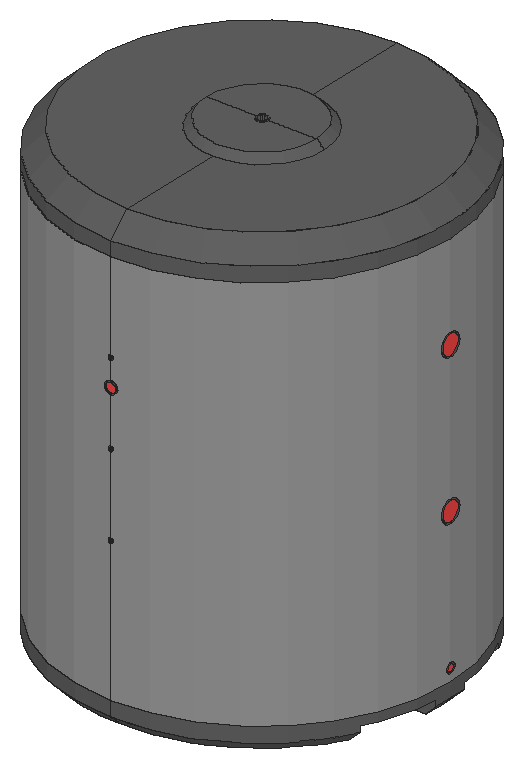
Revit family "2015_Deposito_LAPESA_Master-Vertical-Inercia-MV-I", category Specialty Equipment, Revit 2015
Parameters (values of type "MV-4000-I")
  Type Comments = "Depósito de INERCIA, MARCA LAPESA, para CIRCUITO CERRADO. Serie MASTER-INERCIA. Modelo MV-I, de 4000 litros de capacidad.\r\n\r\n. Construido en chapa de acero al carbono. \r\n. Capaz de soportar temperaturas de 90º C en continuo.\r\n. Presión de trabajo máxima 6 Kg/cm2. \r\n. Acabado exterior mediante espuma de poliuretano compacto inyectado en molde, con control permanente de celda, para evitar posibles condensaciones y minimizar pérdidas térmicas. Espesor de aislamiento 80mm, densidad 45Kg/m3 y coeficiente de transmisión térmica 0,025 W/mK.\r\n. Pérdidas caloríficas inferiores a las exigencias citadas en la DIN 4753/8 (Wh/24).\r\n. Puede incorporarse forro acolchado para interior o intemperie, en PVC, color gris, con semi-tapas superiores, y tapa lateral para boca de hombre (montaje no incluido).\r\n. Con Certificado según Directiva Europea 2014/68/UE.\r\n. Pérdidas estáticas (W): 231. Clase de eficiencia energética: C."
  Q = 350 mm
  Purgador / Upper connection = 50.8 mm  # constant formula
  Peso total aproximado / Empty weight (approx.) = 893.00 kg
  VidaUtilEsperada = ""
  VersionElementoBIM = "1"  # constant formula
  UnidadMedicion = ""
  UnidadMantenimiento = ""
  Unidad = ""
  Uniclass2.0Titulo = "Water tanks and cisterns"  # constant formula
  Uniclass2.0Codigo = "60-50-96"  # constant formula
  URLProducto = "http://lapesa.es/sites/default/files/documentos/acse116y119.pdf"
  URL = "www.lapesa.es"
  UNSPSCTitulo = "Tanks"  # constant formula
  UNSPSCCodigo = "25102001"  # constant formula
  TrabajoMantenimiento = ""
  TipoEmbalajeProteccion = ""
  TiempoMedioEntreFallos = ""
  TelefonoContacto = "0034976465180"  # constant formula
  ResistenciaAlViento = ""
  ResiduosPeligrososPorUnidad = 0
  ResiduosPeligrosos  = 0
  ResiduosNoPeligrososPorUnidad = 0
  ResiduosNoPeligrosos  = 0
  ResiduoRadioactivoPorUnidad = 0
  ResiduoRadioactivo = 0
  ResiduoInertePorUnidad = 0
  ResiduoInerte = 0
  ReferenciaUnidadFuncional = ""
  ReferenciaLote = ""
  ReferenciaContacto = "Departamento Comercial"  # constant formula
  Referencia = ""
  PuntoDeContacto = ""
  PeriodoGarantia = ""
  OmniclassTitulo = "Tanks"  # constant formula
  OmniclassCodigo = "23-27 29 19"  # constant formula
  NumeroSerie = ""
  NumeroArticuloGlobalComercial = ""
  NumeroArticulo = ""
  NormativaMantenimiento = ""
  Model = "MV-4000-I"
  MaterialEnvase = ""
  MaterialContenedor = ""
  MateriaPrima = 0.00%
  MasterformatTitulo = "Storage Tanks for Fire-Suppression Water"  # constant formula
  MasterformatCodigo = "21 41 00"  # constant formula
  MasaSuperficialKgm2 = 0
  Manufacturer = "lapesa Grupo Empresarial,  S. L."  # constant formula
  M = 1543 mm
  LugarEnsamblaje = ""
  J = 190 mm
  InstruccionesEspeciales = ""
  InformacionTecnica = "http://lapesa.es/sites/default/files/tacse14.pdf"
  IdentificadorGarantia = ""
  IFCClasificacion = ""
  GarantiaExtendida = no
  G = 755 mm
  FrecuenciaMantenimiento = ""
  FormacionFotoquimicaOzonoPorUnidad = 0
  FormacionFotoquimicaOzono = 0
  FechaVencimientoElementoBIM = "23/02/2018"  # constant formula
  FechaInstalacion = ""
  FechaInicioGarantia = ""
  FechaFinGarantia = ""
  FechaEvaluacion = ""
  FechaEmisionElementoBIM = "23/02/2017"  # constant formula
  FechaCompra = ""
  FaseCicloVida = ""
  FaltaDeRecursosPorUnidad = 0
  FaltaDeRecursos = 0
  F = 900 mm
  Exclusiones = ""
  EutrofizacionPorUnidad = 0
  Eutrofizacion = 0
  EtiquetaModelo = ""
  EstanqueidadAgua = ""
  EnergiaRenovableConsumidaPorUnidad = 0
  EnergiaRenovableConsumida = 0
  EnergiaPrimariaTotalConsumidaPorUnidad = 0
  EnergiaNoRenovableConsumidaPorUnidad = 0
  EnergiaNoRenovableConsumida = 0
  EmisionCO2 = 0
  EmailContacto = "lapesa@lapesa.es"  # constant formula
  E = 415 mm
  DuracionVidaUtil = ""
  DestruccionCapaOzonoEstratosfericaPorUnidad = 0
  DestruccionCapaOzonoEstratosferica = 0
  Description = "Depósitos master inercia vertical MV-4000-I"
  DescripcionEvaluacion = ""
  Desagüe / Drain = 38.1 mm  # constant formula
  D = 850 mm
  CosteMantenimiento = 0
  CosteEnergeticoMj = 0 J
  CosteEnergeticoKwh = 0
  ContenidoGarantia = ""
  Conexión lateral / Side connection = 101.6 mm  # constant formula
  Conexión Sensores / Probe tube connection for sensors = 12.7 mm  # constant formula
  Conexión Eléctrica / Electric element connection = 50.8 mm  # constant formula
  Conexión = Plastico
  CondicionesMantenimiento = ""
  CondicionesGeneralesDeContratacion = ""
  CondicionesEvaluacion = ""
  CodigoBedec = ""
  CodigoBarras = ""
  CertificadoMantenimiento = ""
  Carcasa B = Acero color Negro
  Carcasa = Acero Inoxidable S 235 J
  Capacidad / Capacity = 4000.0 L
  CambioClimaticoPorUnidad = 0
  CambioClimatico = 0
  COBieCategoria = ""
  Bimetica = "http://www.bimetica.com"
  B = 2310 mm
  AñoProduccion = ""
  Autor = "Bimetica Parametric Design Services S.L."  # constant formula
  AguaConsumidaPorUnidad = 0
  AguaConsumida = 0
  AcidificacionAtmosfericaPorUnidad = 0
  AcidificacionAtmosferica = 0
  A = 1910 mm
Types (8, lengths in mm): name | Type Comments | Q | Peso total aproximado / Empty weight (approx.) | Model | M | J | G | F | E | Description | D | Capacidad / Capacity | B | A
  (no name) | "Depósito de INERCIA, MARCA LAPESA, para CIRCUITO CERRADO. Serie MASTER-INERCIA. Modelo MV-I, de 4000 litros de capacidad.\r\n\r\n. Construido en chapa de acero al carbono. \r\n. Capaz de soportar temperaturas de 90º C en continuo.\r\n. Presión de trabajo máxima 6 Kg/cm2. \r\n. Acabado exterior mediante espuma de poliuretano compacto inyectado en molde, con control permanente de celda, para evitar posibles condensaciones y minimizar pérdidas térmicas. Espesor de aislamiento 80mm, densidad 45Kg/m3 y coeficiente de transmisión térmica 0,025 W/mK.\r\n. Pérdidas caloríficas inferiores a las exigencias citadas en la DIN 4753/8 (Wh/24).\r\n. Puede incorporarse forro acolchado para interior o intemperie, en PVC, color gris, con semi-tapas superiores, y tapa lateral para boca de hombre (montaje no incluido).\r\n. Con Certificado según Directiva Europea 2014/68/UE.\r\n. Pérdidas estáticas (W): 231. Clase de eficiencia energética: C." | 350 | 893.00 kg | "MV-4000-I" | 1543 | 190 | 755 | 900 | 415 | "Depósitos master inercia vertical MV-4000-I" | 850 | 4000.0 L | 2310 | 1910
  MV-4000-I | "Depósito de INERCIA, MARCA LAPESA, para CIRCUITO CERRADO. Serie MASTER-INERCIA. Modelo MV-I, de 4000 litros de capacidad.\r\n\r\n. Construido en chapa de acero al carbono. \r\n. Capaz de soportar temperaturas de 90º C en continuo.\r\n. Presión de trabajo máxima 6 Kg/cm2. \r\n. Acabado exterior mediante espuma de poliuretano compacto inyectado en molde, con control permanente de celda, para evitar posibles condensaciones y minimizar pérdidas térmicas. Espesor de aislamiento 80mm, densidad 45Kg/m3 y coeficiente de transmisión térmica 0,025 W/mK.\r\n. Pérdidas caloríficas inferiores a las exigencias citadas en la DIN 4753/8 (Wh/24).\r\n. Puede incorporarse forro acolchado para interior o intemperie, en PVC, color gris, con semi-tapas superiores, y tapa lateral para boca de hombre (montaje no incluido).\r\n. Con Certificado según Directiva Europea 2014/68/UE.\r\n. Pérdidas estáticas (W): 231. Clase de eficiencia energética: C." | 350 | 893.00 kg | "MV-4000-I" | 1543 | 190 | 755 | 900 | 415 | "Depósitos master inercia vertical MV-4000-I" | 850 | 4000.0 L | 2310 | 1910
  MV-5000-I | "Depósito de INERCIA, MARCA LAPESA, para CIRCUITO CERRADO. Serie MASTER-INERCIA. Modelo MV-I, de 5000 litros de capacidad.\r\n\r\n. Construido en chapa de acero al carbono. \r\n. Capaz de soportar temperaturas de 90º C en continuo.\r\n. Presión de trabajo máxima 6 Kg/cm2. \r\n. Acabado exterior mediante espuma de poliuretano compacto inyectado en molde, con control permanente de celda, para evitar posibles condensaciones y minimizar pérdidas térmicas. Espesor de aislamiento 80mm, densidad 45Kg/m3 y coeficiente de transmisión térmica 0,025 W/mK.\r\n. Pérdidas caloríficas inferiores a las exigencias citadas en la DIN 4753/8 (Wh/24).\r\n. Puede incorporarse forro acolchado para interior o intemperie, en PVC, color gris, con semi-tapas superiores, y tapa lateral para boca de hombre (montaje no incluido).\r\n. Con Certificado según Directiva Europea 2014/68/UE.\r\n. Pérdidas estáticas (W): 250. Clase de eficiencia energética: C." | 350 | 970.00 kg | "MV-5000-I" | 1809 | 190 | 1155 | 900 | 615 | "Depósitos master inercia vertical MV-5000-I" | 850 | 5000.0 L | 2710 | 1910
  MV-1500-I | "Depósito de INERCIA, MARCA LAPESA, para CIRCUITO CERRADO. Serie MASTER-INERCIA. Modelo MV-I, de 1500 litros de capacidad.\r\n\r\n. Construido en chapa de acero al carbono. \r\n. Capaz de soportar temperaturas de 90º C en continuo.\r\n. Presión de trabajo máxima 6 Kg/cm2. \r\n. Acabado exterior mediante espuma de poliuretano compacto inyectado en molde, con control permanente de celda, para evitar posibles condensaciones y minimizar pérdidas térmicas. Espesor de aislamiento 80mm, densidad 45Kg/m3 y coeficiente de transmisión térmica 0,025 W/mK.\r\n. Pérdidas caloríficas inferiores a las exigencias citadas en la DIN 4753/8 (Wh/24).\r\n. Puede incorporarse forro acolchado para interior o intemperie, en PVC, color gris, con semi-tapas superiores, y tapa lateral para boca de hombre (montaje no incluido).\r\n. Con Certificado según Directiva Europea 2014/68/UE.\r\n. Pérdidas estáticas (W): 145. Clase de eficiencia energética: C.\r\n\r\n. Construido en chapa de acero al carbono. \r\n. Capaz de soportar temperaturas de 90º C en continuo.\r\n. Presión de trabajo máxima 6 Kg/cm2. \r\n. Acabado exterior mediante espuma de poliuretano compacto inyectado en molde, con control permanente de celda, para evitar posibles condensaciones y minimizar pérdidas térmicas. Espesor de aislamiento 80mm, densidad 45Kg/m3 y coeficiente de transmisión térmica 0,025 W/mK.\r\n. Pérdidas caloríficas inferiores a las exigencias citadas en la DIN 4753/8 (Wh/24).\r\n. Puede incorporarse forro acolchado para interior o intemperie, en PVC, color gris, con semi-tapas superiores, y tapa lateral para boca de hombre (montaje no incluido).\r\n. Con Certificado según Directiva Europea 2014/68/UE.\r\n. Pérdidas estáticas (W): 250. Clase de eficiencia energética: C." | 210 | 273.00 kg | "MV-1500-I" | 1237 | 160 | 610 | 720 | 359 | "Depósitos master inercia vertical MV-1500-I" | 655 | 1500.0 L | 1830 | 1360
  MV-2000-I | "Depósito de INERCIA, MARCA LAPESA, para CIRCUITO CERRADO. Serie MASTER-INERCIA. Modelo MV-I, de 2000 litros de capacidad.\r\n\r\n. Construido en chapa de acero al carbono. \r\n. Capaz de soportar temperaturas de 90º C en continuo.\r\n. Presión de trabajo máxima 6 Kg/cm2. \r\n. Acabado exterior mediante espuma de poliuretano compacto inyectado en molde, con control permanente de celda, para evitar posibles condensaciones y minimizar pérdidas térmicas. Espesor de aislamiento 80mm, densidad 45Kg/m3 y coeficiente de transmisión térmica 0,025 W/mK.\r\n. Pérdidas caloríficas inferiores a las exigencias citadas en la DIN 4753/8 (Wh/24).\r\n. Puede incorporarse forro acolchado para interior o intemperie, en PVC, color gris, con semi-tapas superiores, y tapa lateral para boca de hombre (montaje no incluido).\r\n. Con Certificado según Directiva Europea 2014/68/UE.\r\n. Pérdidas estáticas (W): 164. Clase de eficiencia energética: C." | 210 | 353.00 kg | "MV-2000-I" | 1537 | 160 | 1060 | 720 | 584 | "Depósitos master inercia vertical MV-2000-I" | 655 | 2000.0 L | 2280 | 1360
  MV-2500-I | "Depósito de INERCIA, MARCA LAPESA, para CIRCUITO CERRADO. Serie MASTER-INERCIA. Modelo MV-I, de 2500 litros de capacidad.\r\n\r\n. Construido en chapa de acero al carbono. \r\n. Capaz de soportar temperaturas de 90º C en continuo.\r\n. Presión de trabajo máxima 6 Kg/cm2. \r\n. Acabado exterior mediante espuma de poliuretano compacto inyectado en molde, con control permanente de celda, para evitar posibles condensaciones y minimizar pérdidas térmicas. Espesor de aislamiento 80mm, densidad 45Kg/m3 y coeficiente de transmisión térmica 0,025 W/mK.\r\n. Pérdidas caloríficas inferiores a las exigencias citadas en la DIN 4753/8 (Wh/24).\r\n. Puede incorporarse forro acolchado para interior o intemperie, en PVC, color gris, con semi-tapas superiores, y tapa lateral para boca de hombre (montaje no incluido).\r\n. Con Certificado según Directiva Europea 2014/68/UE.\r\n. Pérdidas estáticas (W): 183. Clase de eficiencia energética: C.\r\n\r\n\r\n. Construido en chapa de acero al carbono. \r\n. Capaz de soportar temperaturas de 90º C en continuo.\r\n. Presión de trabajo máxima 6 Kg/cm2. \r\n. Acabado exterior mediante espuma de poliuretano compacto inyectado en molde, con control permanente de celda, para evitar posibles condensaciones y minimizar pérdidas térmicas. Espesor de aislamiento 80mm, densidad 45Kg/m3 y coeficiente de transmisión térmica 0,025 W/mK.\r\n. Pérdidas caloríficas inferiores a las exigencias citadas en la DIN 4753/8 (Wh/24).\r\n. Puede incorporarse forro acolchado para interior o intemperie, en PVC, color gris, con semi-tapas superiores, y tapa lateral para boca de hombre (montaje no incluido).\r\n. Con Certificado según Directiva Europea 2014/68/UE.\r\n. Pérdidas estáticas (W): 164. Clase de eficiencia energética: C." | 285 | 503.00 kg | "MV-2500-I" | 1359 | 195 | 590 | 835 | 336 | "Depósitos master inercia vertical MV-2500-I" | 785 | 2500.0 L | 2015 | 1660
  MV-3000-I | "Depósito de INERCIA, MARCA LAPESA, para CIRCUITO CERRADO. Serie MASTER-INERCIA. Modelo MV-I, de 3000 litros de capacidad.\r\n\r\n. Construido en chapa de acero al carbono. \r\n. Capaz de soportar temperaturas de 90º C en continuo.\r\n. Presión de trabajo máxima 6 Kg/cm2. \r\n. Acabado exterior mediante espuma de poliuretano compacto inyectado en molde, con control permanente de celda, para evitar posibles condensaciones y minimizar pérdidas térmicas. Espesor de aislamiento 80mm, densidad 45Kg/m3 y coeficiente de transmisión térmica 0,025 W/mK.\r\n. Pérdidas caloríficas inferiores a las exigencias citadas en la DIN 4753/8 (Wh/24).\r\n. Puede incorporarse forro acolchado para interior o intemperie, en PVC, color gris, con semi-tapas superiores, y tapa lateral para boca de hombre (montaje no incluido).\r\n. Con Certificado según Directiva Europea 2014/68/UE.\r\n. Pérdidas estáticas (W): 203. Clase de eficiencia energética: C." | 285 | 540.00 kg | "MV-3000-I" | 1552 | 195 | 880 | 835 | 481 | "Depósitos master inercia vertical MV-3000-I" | 785 | 3000.0 L | 2305 | 1660
  MV-3500-I | "Depósito de INERCIA, MARCA LAPESA, para CIRCUITO CERRADO. Serie MASTER-INERCIA. Modelo MV-I, de 3500 litros de capacidad.\r\n\r\n. Construido en chapa de acero al carbono. \r\n. Capaz de soportar temperaturas de 90º C en continuo.\r\n. Presión de trabajo máxima 6 Kg/cm2. \r\n. Acabado exterior mediante espuma de poliuretano compacto inyectado en molde, con control permanente de celda, para evitar posibles condensaciones y minimizar pérdidas térmicas. Espesor de aislamiento 80mm, densidad 45Kg/m3 y coeficiente de transmisión térmica 0,025 W/mK.\r\n. Pérdidas caloríficas inferiores a las exigencias citadas en la DIN 4753/8 (Wh/24).\r\n. Puede incorporarse forro acolchado para interior o intemperie, en PVC, color gris, con semi-tapas superiores, y tapa lateral para boca de hombre (montaje no incluido).\r\n. Con Certificado según Directiva Europea 2014/68/UE.\r\n. Pérdidas estáticas (W): 218. Clase de eficiencia energética: C.\r\n\r\n. Construido en chapa de acero al carbono. \r\n. Capaz de soportar temperaturas de 90º C en continuo.\r\n. Presión de trabajo máxima 6 Kg/cm2. \r\n. Acabado exterior mediante espuma de poliuretano compacto inyectado en molde, con control permanente de celda, para evitar posibles condensaciones y minimizar pérdidas térmicas. Espesor de aislamiento 80mm, densidad 45Kg/m3 y coeficiente de transmisión térmica 0,025 W/mK.\r\n. Pérdidas caloríficas inferiores a las exigencias citadas en la DIN 4753/8 (Wh/24).\r\n. Puede incorporarse forro acolchado para interior o intemperie, en PVC, color gris, con semi-tapas superiores, y tapa lateral para boca de hombre (montaje no incluido).\r\n. Con Certificado según Directiva Europea 2014/68/UE.\r\n. Pérdidas estáticas (W): 203. Clase de eficiencia energética: C." | 285 | 576.00 kg | "MV-3500-I" | 1732 | 195 | 1165 | 835 | 619 | "Depósitos master inercia vertical MV-3500-I" | 785 | 3500.0 L | 2580 | 1660
Reference planes
  plane 1 "Centro (Frontal/Posterior)": y = 0
  plane 2: z = 0
  plane 3 "Centro (Izquierda/Derecha)": x = 0
  plane 4: z = 2310
  plane 5: x = 955
  plane 6: x = -955
  plane 7: y = 955
  plane 8: y = -955
  plane 9: z = 850
  plane 10: z = 1265
  plane 11: z = 1680
  plane 12: z = 190
  plane 13: z = 900
  plane 14: z = 1655
  plane 15: x = 25.4
  plane 16: x = -25.4
  plane 17: y = 90
  plane 18: y = -90
  plane 19: y = 440
  plane 20: y = -440
  plane 21: z = 80
  plane 22: z = 1543
Forms (mm)
  Revolve 1, solid, material "Acero Inoxidable S 235 J" <- "Carcasa", detail levels medium+fine
    sketch origin (0, 0, 0) x (0, 1, 0) y (0, 0, 1)
      loop
        line (-955, 2135) -> (-955, 125) -> (0, 125) -> (0, 305) -> (-296.968, 305)
        arc (-296.968, 305) -> (-534.285, 374.136) -> (-751.662, 491.808) r 1164.39
        arc (-751.662, 491.808) -> (-839.346, 590.538) -> (-871, 718.734) r 275.423
        line (-871, 718.734) -> (-871, 1810.441)
        arc (-871, 1810.441) -> (-837.297, 1941.07) -> (-744.602, 2039.086) r 270
        arc (-744.602, 2039.086) -> (-655.46, 2089.47) -> (-563.745, 2135) r 1908.365
        line (-563.745, 2135) -> (-955, 2135)
      axis (0, 2135) -> (0, 125)
    angle from 0 to 360
  Extrusion 2, void
    sketch origin (0, 0, 0) x (1, 0, 0) y (0, 0, 1)
      loop
        circle (0, 1680) r 6.35
      loop
        circle (0, 1265) r 6.35
      loop
        circle (0, 850) r 6.35
      loop
        circle (0, 1543) r 25.4
    from 930 to 955
  Extrusion 3, void
    sketch origin (0, 0, 0) x (0, 1, 0) y (0, 0, 1)
      loop
        circle (0, 190) r 19.05
      loop
        circle (0, 900) r 50.8
      loop
        circle (0, 1655) r 50.8
    from 930 to 955
  Extrusion 4, void
    sketch origin (0, 0, 0) x (0, 1, 0) y (0, 0, 1)
      loop
        circle (0, 900) r 50.8
      loop
        circle (0, 1655) r 50.8
    from -955 to -930
  Revolve 5, solid, material "Acero color Negro" <- "Carcasa B", detail levels medium+fine
    sketch origin (0, 0, 0) x (1, 0, 0) y (0, 0, 1)
      loop
        line (25.4, 2310) -> (312.34, 2310) -> (276.17, 2346.17) -> (25.4, 2346.17) -> (25.4, 2310)
      axis (0, 2346.17) -> (0, 2310)
    angle from 0 to 360
  Extrusion 6, solid, material "Acero color Negro" <- "Carcasa B", detail levels medium+fine
    sketch origin (0, 0, 0) x (1, 0, 0) y (0, 0, 1)
      loop
        circle (0, 1680) r 6.35
      loop
        circle (0, 1680) r 11.35
      loop
        circle (0, 1265) r 6.35
      loop
        circle (0, 1265) r 11.35
      loop
        circle (0, 850) r 6.35
      loop
        circle (0, 850) r 11.35
      loop
        circle (0, 1543) r 25.4
      loop
        circle (0, 1543) r 30.4
    from 930 to 955
  Extrusion 7, solid, material "Acero color Negro" <- "Carcasa B", detail levels medium+fine
    sketch origin (0, 0, 0) x (0, 1, 0) y (0, 0, 1)
      loop
        circle (0, 190) r 19.05
      loop
        circle (0, 190) r 24.05
      loop
        circle (0, 900) r 50.8
      loop
        circle (0, 900) r 55.8
      loop
        circle (0, 1655) r 50.8
      loop
        circle (0, 1655) r 55.8
    from 930 to 955
  Extrusion 8, solid, material "Acero color Negro" <- "Carcasa B", detail levels medium+fine
    sketch origin (0, 0, 0) x (0, 1, 0) y (0, 0, 1)
      loop
        circle (0, 900) r 50.8
      loop
        circle (0, 900) r 55.8
    from -955 to -930
  Extrusion 9, solid, material "Acero color Negro" <- "Carcasa B", detail levels medium+fine
    sketch origin (0, 0, 0) x (1, 0, 0) y (0, 1, 0)
      loop
        circle (0, 0) r 25.4
      loop
        circle (0, 0) r 30.4
    from 2310 to 2346.17
  Revolve 10, solid, material "Acero color Negro" <- "Carcasa B", detail levels medium+fine
    sketch origin (0, 0, 0) x (0, 1, 0) y (0, 0, 1)
      loop
        line (-214.352, 2310) -> (-855, 2310) -> (-955, 2210) -> (-955, 2135) -> (-565, 2135)
        arc (-565, 2135) -> (-393.205, 2198.134) -> (-214.352, 2237.013) r 1326.103
        line (-214.352, 2237.013) -> (-214.352, 2310)
      loop
        line (0, 0) -> (0, 125) -> (-955, 125) -> (-955, 50) -> (-905, 0) -> (0, 0)
      axis (0, 0) -> (0, 2310)
    angle from 0 to 360
  Extrusion 11, solid, material "Acero Inoxidable S 235 J" <- "Carcasa", detail levels coarse
    sketch origin (0, 0, 0) x (1, 0, 0) y (0, 1, 0)
      loop
        circle (0, 0) r 955
    from 0 to 2310
  Extrusion 12, solid, material "Plastico" <- "Conexión", detail levels fine
    sketch origin (0, 0, 0) x (1, 0, 0) y (0, 0, 1)
      loop
        circle (0, 1680) r 6.35
      loop
        circle (0, 1265) r 6.35
      loop
        circle (0, 850) r 6.35
      loop
        circle (0, 1543) r 25.4
    from 930 to 955
  Extrusion 13, solid, material "Plastico" <- "Conexión", detail levels fine
    sketch origin (0, 0, 0) x (0, 1, 0) y (0, 0, 1)
      loop
        circle (0, 1655) r 50.8
      loop
        circle (0, 900) r 50.8
      loop
        circle (0, 190) r 19.05
    from 930 to 955
  Extrusion 14, solid, material "Plastico" <- "Conexión", detail levels fine
    sketch origin (0, 0, 0) x (0, 1, 0) y (0, 0, 1)
      loop
        circle (0, 900) r 50.8
    from -955 to -930
  Extrusion 15, solid, material "Plastico" <- "Conexión", detail levels fine
    sketch origin (0, 0, 0) x (0, 1, 0) y (0, 0, 1)
      loop
        circle (0, 1655) r 50.8
    from -955 to -930
  Extrusion 16, solid, material "Acero color Negro" <- "Carcasa B", detail levels medium+fine
    sketch origin (-955, 0, 0) x (0, -1, 0) y (0, 0, 1)
      loop
        circle (0, 1655) r 50.8
      loop
        circle (0, 1655) r 55.8
    from 0 to -25
  Extrusion 17, void
    sketch origin (0, 0, 0) x (0, 1, 0) y (0, 0, 1)
      loop
        line (-440, 0) -> (-90, 0) -> (-90, 80.596) -> (-440, 80.596) -> (-440, 0)
      loop
        line (90, 0) -> (440, 0) -> (440, 80) -> (90, 80) -> (90, 0)
    from -955 to 955
Cuts and joins
  Extrusion 2, Extrusion 3, Extrusion 4 cuts Revolve 1
  Extrusion 17 cuts Revolve 10
Dimensions and locks
  equal spacing: plane 6, plane 3 "Centro (Izquierda/Derecha)", plane 5
  equal spacing: plane 8, plane 1 "Centro (Frontal/Posterior)", plane 7
  "A": plane 7 to plane 8
  "A": plane 6 to plane 5
  "B": plane 4 to plane 2
  plane 4 to plane 2 = 2310 mm
  "D": plane 9 to plane 2
  "E": plane 10 to plane 9
  "E": plane 11 to plane 10
  "F": plane 13 to plane 2
  Revolve 5 sketch curve to Revolve 5 sketch curve to Revolve 5 sketch curve = 276.17 mm locked, 36.17 mm locked
  locked: Revolve 5 sketch curve to plane 4 at 36.17
  plane 8 to Revolve 1 sketch curve = 84 mm
  plane 8 to Revolve 1 sketch curve = 354 mm
  locked: plane 4 to Revolve 1 sketch curve at 499.559
  locked: plane 8 to Revolve 10 sketch curve at 932.235
  plane 4 to Revolve 10 sketch curve to Revolve 10 sketch curve = 100 mm locked, 75 mm locked
  plane 4 to Revolve 10 sketch curve to Revolve 10 sketch curve = 72.987 mm locked, 102.013 mm locked
  plane 8 to Revolve 10 sketch curve to Revolve 10 sketch curve = 100 mm, 290 mm locked
  Revolve 10 sketch curve to Revolve 10 sketch curve to plane 2 to Revolve 10 sketch curve = 75 mm locked, 50 mm locked, 0 mm locked
  locked: plane 8 to Revolve 10 sketch curve at 50
  plane 8 to Revolve 1 sketch curve = 210.398 mm
  plane 8 to Revolve 1 sketch curve = 391.255 mm
  locked: Revolve 1 sketch curve to level at 125
  locked: Extrusion 7 to plane 5 at 25
  locked: plane 8 to Extrusion 6 at 25
  locked: plane 6 to Extrusion 8 at 25
  locked: Extrusion 13 to plane 5 at 25
  locked: Revolve 10 sketch curve to Revolve 10 sketch curve at 214.352
  locked: Revolve 1 sketch curve to level at 403.52
  locked: Revolve 1 sketch curve to level at 1451.171
  locked: plane 8 to Revolve 1 sketch curve at 863.207
  locked: plane 8 to Revolve 1 sketch curve at 359.423
  locked: Revolve 1 sketch curve to level at 718.734
  locked: Revolve 1 sketch curve to level at 305
  locked: plane 8 to Revolve 1 sketch curve at 658.032
  equal spacing: plane 16, Revolve 5 sketch curve, plane 15
  "Purgador / Upper connection": plane 16 to plane 15
  equal spacing: plane 18, plane 1 "Centro (Frontal/Posterior)", plane 17
  locked: plane 18 to plane 17 at 180
  "Q": plane 17 to plane 19
  "Q": plane 20 to plane 18
  locked: plane 21 to level at 80
  locked: plane 4 to Revolve 1 sketch curve at 175
  "J": plane 12 to plane 2
  "M": plane 22 to plane 2
  "G": plane 14 to plane 13
  "Desagüe / Drain": diameter of Extrusion 3 sketch curve
  "Conexión lateral / Side connection": diameter of Extrusion 3 sketch curve  (x2)
  "Conexión lateral / Side connection": diameter of Extrusion 4 sketch curve  (x2)
  "Conexión Sensores / Probe tube connection for sensors": diameter of Extrusion 2 sketch curve  (x3)
  "A": diameter of Extrusion 11 sketch curve
  "Conexión lateral / Side connection": diameter of Extrusion 15 sketch curve
  "Conexión Sensores / Probe tube connection for sensors": diameter of Extrusion 6 sketch curve  (x3)
  "Conexión Eléctrica / Electric element connection": diameter of Extrusion 2 sketch curve
  "Conexión Eléctrica / Electric element connection": diameter of Extrusion 6 sketch curve
  "Conexión Eléctrica / Electric element connection": diameter of Extrusion 12 sketch curve
  "Conexión lateral / Side connection": diameter of Extrusion 7 sketch curve  (x2)
  "Conexión lateral / Side connection": diameter of Extrusion 8 sketch curve
  aligned and locked: level to plane 2
  aligned and locked: Revolve 1 sketch curve to plane 1 "Centro (Frontal/Posterior)"
  aligned and locked: plane 2 to Revolve 1 sketch curve
  aligned and locked: plane 3 "Centro (Izquierda/Derecha)" to Extrusion 2 sketch curve  (x4)
  aligned and locked: plane 11 to Extrusion 2 sketch curve
  aligned and locked: plane 10 to Extrusion 2 sketch curve
  aligned and locked: plane 9 to Extrusion 2 sketch curve
  aligned and locked: plane 1 "Centro (Frontal/Posterior)" to Extrusion 3 sketch curve  (x3)
  aligned and locked: plane 12 to Extrusion 3 sketch curve
  aligned and locked: plane 13 to Extrusion 3 sketch curve
  aligned and locked: plane 5 to Extrusion 3
  aligned and locked: plane 1 "Centro (Frontal/Posterior)" to Extrusion 4 sketch curve  (x2)
  aligned and locked: plane 6 to Extrusion 4
  aligned and locked: plane 2 to Revolve 5 sketch curve
  aligned and locked: plane 4 to Revolve 5 sketch curve  (x2)
  aligned and locked: plane 8 to Extrusion 6
  aligned and locked: plane 14 to Extrusion 3 sketch curve
  aligned and locked: plane 5 to Extrusion 7
  aligned and locked: plane 6 to Extrusion 8
  aligned and locked: Extrusion 9 sketch curve to Revolve 5  (x2)
  aligned and locked: Extrusion 9 to plane 4
  aligned and locked: Revolve 10 sketch curve to plane 1 "Centro (Frontal/Posterior)"
  aligned and locked: plane 4 to Revolve 10 sketch curve
  aligned and locked: Revolve 10 sketch curve to plane 8
  aligned and locked: level to Revolve 10 sketch curve
  aligned and locked: plane 1 "Centro (Frontal/Posterior)" to Revolve 10 sketch curve
  aligned and locked: plane 3 "Centro (Izquierda/Derecha)" to Extrusion 11 sketch curve
  aligned and locked: plane 1 "Centro (Frontal/Posterior)" to Extrusion 11 sketch curve
  aligned and locked: Extrusion 11 to plane 4
  aligned and locked: Extrusion 11 to level
  aligned and locked: Extrusion 7 to Extrusion 3
  aligned and locked: Extrusion 6 to Extrusion 2
  aligned and locked: Extrusion 8 to Extrusion 4
  aligned and locked: Extrusion 12 sketch curve to Extrusion 6  (x6)
  aligned and locked: plane 8 to Extrusion 12
  aligned and locked: Extrusion 6 to Extrusion 12
  aligned and locked: Extrusion 13 sketch curve to Extrusion 7  (x6)
  aligned and locked: plane 5 to Extrusion 13
  aligned and locked: Extrusion 14 sketch curve to Extrusion 8  (x2)
  aligned and locked: plane 6 to Extrusion 14
  aligned and locked: Extrusion 14 to cut or joined group of Revolve 1, Extrusion 2, Extrusion 3, Extrusion 4
  aligned and locked: plane 8 to Revolve 1 sketch curve
  aligned and locked: Revolve 1 sketch curve to Revolve 1 sketch curve
  aligned and locked: plane 15 to Revolve 5 sketch curve
  aligned and locked: plane 1 "Centro (Frontal/Posterior)" to Extrusion 15 sketch curve
  aligned and locked: plane 6 to Extrusion 16
  aligned and locked: cut or joined group of Revolve 1, Extrusion 2, Extrusion 3, Extrusion 4 to Extrusion 16
  aligned and locked: plane 6 to Extrusion 15
  aligned and locked: Extrusion 8 to Extrusion 15
  aligned and locked: Extrusion 17 sketch curve to level  (x2)
  aligned and locked: plane 20 to Extrusion 17 sketch curve
  aligned and locked: Extrusion 17 sketch curve to plane 18
  aligned and locked: Extrusion 17 sketch curve to plane 17
  aligned and locked: plane 19 to Extrusion 17 sketch curve
  aligned and locked: plane 5 to Extrusion 17
  aligned and locked: plane 6 to Extrusion 17
  aligned and locked: plane 3 "Centro (Izquierda/Derecha)" to Extrusion 6 sketch curve  (x2)
  aligned and locked: plane 9 to Extrusion 6 sketch curve
  aligned and locked: plane 22 to Extrusion 2 sketch curve
  aligned and locked: plane 22 to Extrusion 6 sketch curve
  aligned and locked: plane 3 "Centro (Izquierda/Derecha)" to Extrusion 12 sketch curve
  aligned and locked: plane 22 to Extrusion 12 sketch curve
  aligned and locked: plane 13 to Extrusion 8 sketch curve
  aligned and locked: plane 1 "Centro (Frontal/Posterior)" to Extrusion 8 sketch curve
  aligned and locked: plane 13 to Extrusion 4 sketch curve
  aligned and locked: plane 14 to Extrusion 16 sketch curve
  aligned and locked: plane 1 "Centro (Frontal/Posterior)" to Extrusion 16 sketch curve
  aligned and locked: plane 14 to Extrusion 15 sketch curve
  aligned and locked: plane 14 to Extrusion 4 sketch curve
  aligned and locked: Revolve 5 to Extrusion 9
Automatic sketch dimensions
  Extrusion 9 sketch curve to Extrusion 9 sketch curve = 0 mm  (x2)
  Extrusion 9 sketch curve to Extrusion 9 sketch curve = 5 mm
  plane 4 to Revolve 1 sketch curve = 450 mm
  Revolve 10 sketch curve to plane 8 = 0 mm
  Revolve 10 sketch curve to level = 0 mm
  Revolve 10 sketch curve to plane 4 = 0 mm
  Extrusion 17 sketch curve to plane 21 = 0 mm
  plane 21 to Extrusion 17 sketch curve = 0.596 mm
  Extrusion 16 sketch curve to Extrusion 16 sketch curve = 0 mm  (x2)
  Extrusion 16 sketch curve to Extrusion 16 sketch curve = 5 mm
  Extrusion 16 sketch curve to Extrusion 16 sketch curve = 50.8 mm
  Extrusion 6 sketch curve to Extrusion 6 sketch curve = 0 mm  (x8)
  Extrusion 6 sketch curve to plane 10 = 0 mm
  Extrusion 6 sketch curve to plane 11 = 0 mm
  Extrusion 6 sketch curve to plane 3 "Centro (Izquierda/Derecha)" = 0 mm  (x2)
  Extrusion 6 sketch curve to Extrusion 6 sketch curve = 5 mm  (x4)
  Extrusion 7 sketch curve to Extrusion 7 sketch curve = 0 mm  (x6)
  Extrusion 7 sketch curve to plane 13 = 0 mm
  plane 14 to Extrusion 7 sketch curve = 0 mm
  Extrusion 7 sketch curve to plane 12 = 0 mm
  Extrusion 7 sketch curve to plane 1 "Centro (Frontal/Posterior)" = 0 mm  (x3)
  Extrusion 7 sketch curve to Extrusion 7 sketch curve = 5 mm  (x3)
  plane 1 "Centro (Frontal/Posterior)" to Extrusion 7 sketch curve = 24.05 mm
  Extrusion 8 sketch curve to Extrusion 8 sketch curve = 0 mm  (x2)
  Extrusion 8 sketch curve to Extrusion 8 sketch curve = 5 mm
Connectors
  piping at (0, -955, 1680), diameter 12.7, driven by "Conexión Sensores / Probe tube connection for sensors"
    settings: on Extrusion 6, index 1, connector inside diameter 609.6 mm, connector length 0 mm, flow factor 0, pipe flow 0.0 L/s, pressure drop 0.0 Pa, fitting loss kfactor 0, connector angle 0.00°, fixture units 0, engagement length 0 mm, angle of deflection 0.00°, flow configuration 0, flow direction 1, fitting loss method 0, system type 22, joint type 0, gender type 0, connector reference index -1, connector utility 0, adjustable connector no, is connector primary yes, connector description "Conexión Sensores / Probe tube connection for sensors"
  piping at (0, -955, 1265), diameter 12.7, driven by "Conexión Sensores / Probe tube connection for sensors"
    settings: on Extrusion 6, index 2, connector inside diameter 609.6 mm, connector length 0 mm, flow factor 0, pipe flow 0.0 L/s, pressure drop 0.0 Pa, fitting loss kfactor 0, connector angle 0.00°, fixture units 0, engagement length 0 mm, angle of deflection 0.00°, flow configuration 0, flow direction 1, fitting loss method 0, system type 22, joint type 0, gender type 0, connector reference index -1, connector utility 0, adjustable connector no, is connector primary no, connector description "Conexión Sensores / Probe tube connection for sensors"
  piping at (0, -955, 850), diameter 12.7, driven by "Conexión Sensores / Probe tube connection for sensors"
    settings: on Extrusion 6, index 3, connector inside diameter 609.6 mm, connector length 0 mm, flow factor 0, pipe flow 0.0 L/s, pressure drop 0.0 Pa, fitting loss kfactor 0, connector angle 0.00°, fixture units 0, engagement length 0 mm, angle of deflection 0.00°, flow configuration 0, flow direction 1, fitting loss method 0, system type 22, joint type 0, gender type 0, connector reference index -1, connector utility 0, adjustable connector no, is connector primary no, connector description "Conexión Sensores / Probe tube connection for sensors"
  piping at (955, 0, 190), diameter 38.1, driven by "Desagüe / Drain"
    settings: on Extrusion 7, index 7, connector inside diameter 609.6 mm, connector length 0 mm, flow factor 0, pipe flow 0.0 L/s, pressure drop 0.0 Pa, fitting loss kfactor 0, connector angle 0.00°, fixture units 0, engagement length 0 mm, angle of deflection 0.00°, flow configuration 1, flow direction 2, fitting loss method 0, system type 22, joint type 0, gender type 0, connector reference index -1, connector utility 0, adjustable connector no, is connector primary no, connector description "Desagüe / Drain"
  piping at (955, 0, 900), diameter 101.6, driven by "Conexión lateral / Side connection"
    settings: on Extrusion 7, index 8, connector inside diameter 609.6 mm, connector length 0 mm, flow factor 0, pipe flow 0.0 L/s, pressure drop 0.0 Pa, fitting loss kfactor 0, connector angle 0.00°, fixture units 0, engagement length 0 mm, angle of deflection 0.00°, flow configuration 0, flow direction 1, fitting loss method 0, system type 22, joint type 0, gender type 0, connector reference index -1, connector utility 0, adjustable connector no, is connector primary no, connector description "Conexión lateral / Side connection"
  piping at (955, 0, 1655), diameter 101.6, driven by "Conexión lateral / Side connection"
    settings: on Extrusion 7, index 9, connector inside diameter 609.6 mm, connector length 0 mm, flow factor 0, pipe flow 0.0 L/s, pressure drop 0.0 Pa, fitting loss kfactor 0, connector angle 0.00°, fixture units 0, engagement length 0 mm, angle of deflection 0.00°, flow configuration 0, flow direction 1, fitting loss method 0, system type 22, joint type 0, gender type 0, connector reference index -1, connector utility 0, adjustable connector no, is connector primary no, connector description "Conexión lateral / Side connection"
  piping at (-955, 0, 900), diameter 101.6, driven by "Conexión lateral / Side connection"
    settings: on Extrusion 8, index 11, connector inside diameter 609.6 mm, connector length 0 mm, flow factor 0, pipe flow 0.0 L/s, pressure drop 0.0 Pa, fitting loss kfactor 0, connector angle 0.00°, fixture units 0, engagement length 0 mm, angle of deflection 0.00°, flow configuration 0, flow direction 1, fitting loss method 0, system type 22, joint type 0, gender type 0, connector reference index -1, connector utility 0, adjustable connector no, is connector primary no, connector description "Conexión lateral / Side connection"
  piping at (0, 0, 2346.17), diameter 50.8, driven by "Purgador / Upper connection"
    settings: on Extrusion 9, index 13, connector inside diameter 609.6 mm, connector length 0 mm, flow factor 0, pipe flow 0.0 L/s, pressure drop 0.0 Pa, fitting loss kfactor 0, connector angle 0.00°, fixture units 0, engagement length 0 mm, angle of deflection 0.00°, flow configuration 1, flow direction 2, fitting loss method 0, system type 19, joint type 0, gender type 0, connector reference index -1, connector utility 0, adjustable connector no, is connector primary no, connector description "Purgador / Upper connection"
  piping at (-955, 0, 1655), diameter 101.6, driven by "Conexión lateral / Side connection"
    settings: on Extrusion 15, index 17, connector inside diameter 609.6 mm, connector length 0 mm, flow factor 0, pipe flow 0.0 L/s, pressure drop 0.0 Pa, fitting loss kfactor 0, connector angle 0.00°, fixture units 0, engagement length 0 mm, angle of deflection 0.00°, flow configuration 0, flow direction 1, fitting loss method 0, system type 22, joint type 0, gender type 0, connector reference index -1, connector utility 0, adjustable connector no, is connector primary no, connector description "Conexión lateral / Side connection"
  piping at (0, -955, 1543), diameter 50.8, driven by "Conexión Eléctrica / Electric element connection"
    settings: on Extrusion 6, index 18, connector inside diameter 609.6 mm, connector length 0 mm, flow factor 0, pipe flow 0.0 L/s, pressure drop 0.0 Pa, fitting loss kfactor 0, connector angle 0.00°, fixture units 0, engagement length 0 mm, angle of deflection 0.00°, flow configuration 0, flow direction 1, fitting loss method 0, system type 22, joint type 0, gender type 0, connector reference index -1, connector utility 0, adjustable connector no, is connector primary no, connector description "Conexión lateral / Side connection"
